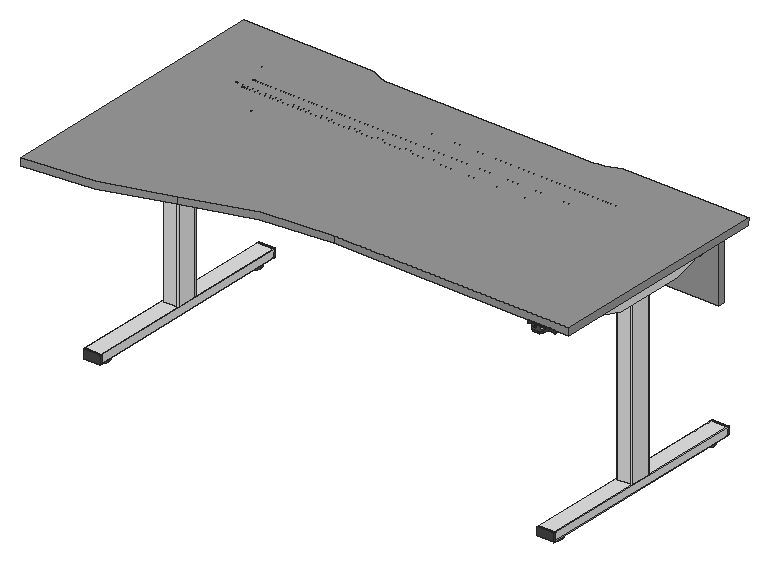
Revit family "Wave Desk with Scallop Top -LH", category Furniture, Revit 2016
Family settings
  OmniClass Number = 23.40.20.00
  OmniClass Title = General Furniture and Specialties
  Work Plane-Based = No
  Always vertical = Yes
  Cut with Voids When Loaded = No
  Shared = No
  Room Calculation Point = No
Parameters (values of type "1800 x 800 x 1000 with Modesty Panel & Cable Tray")
  Width = 1800 mm
  URL = "www.gof.co.uk"
  Type Comments = ""
  Range = "RISE LT"
  Product Code = "HDLWL18S"
  Modesty Panel Visible = yes
  Modesty Panel = "BTCPW18"
  HeightControl [instance] = if(Height < 720 mm, 720 mm, (if(Height > 1200 mm, 1200 mm, Height)))  # 727 mm
  Height [instance] = 727 mm
  Desktop = Gresham - Midnight Ash
  Model = ""
  Manufacturer = "Gresham Office Furniture"  # constant formula
  Frame = Gresham - Silver Metal
  Foot = Gresham - Black Plastic
  Cable Tray Visible = yes
  Cable Tray = "MECT18"
  Assembly Code = "E2020200"
Reference planes
  plane 1 "Center (Front/Back)": y = 0
  plane 2: z = 0
  plane 3 "Center (Left/Right)": x = 0
  plane 4: x = -900
  plane 5: x = 900
  plane 6 "Desktop Underside": z = 702
  plane 7: y = 400
  plane 8: y = -600
  plane 9 "Foot": z = 15
  plane 10: z = 727
  plane 11: x = 595.86
  plane 12: x = -595.86
  plane 13 "Control": x = 850
  plane 14: y = -400
  plane 15: x = -420
  plane 16: x = 60
Forms (mm)
  Extrusion 1, solid, material "Gresham - Midnight Ash" <- "Desktop"
    sketch origin (0, 0, 702) x (-1, 0, 0) y (0, -1, 0)
      loop
        arc (-416.673, -387.5) -> (-390.732, -378.167) -> (-363.346, -375) r 120
        line (-363.346, -375) -> (363.346, -375)
        arc (363.346, -375) -> (390.732, -378.167) -> (416.673, -387.5) r 120
        arc (416.673, -387.5) -> (442.614, -396.833) -> (470, -400) r 120
        line (470, -400) -> (900, -400) -> (900, 600)
        arc (900, 600) -> (654.838, 574.777) -> (420, 500) r 1200
        arc (420, 500) -> (185.162, 425.223) -> (-60, 400) r 1200
        line (-60, 400) -> (-900, 400) -> (-900, -400) -> (-470, -400)
        arc (-470, -400) -> (-442.614, -396.833) -> (-416.673, -387.5) r 120
    from 0 to 25
  Extrusion 2, solid
    sketch origin (4.14, -302, 0) x (0, 1, 0) y (0, 0, 1)
      loop
        arc (344.5, 657) -> (346.621, 657.879) -> (347.5, 660) r 3
        line (347.5, 660) -> (347.5, 699)
        arc (347.5, 699) -> (346.621, 701.121) -> (344.5, 702) r 3
        line (344.5, 702) -> (307, 702) -> (307, 700) -> (344.5, 700)
        arc (344.5, 700) -> (345.207, 699.707) -> (345.5, 699) r 1
        line (345.5, 699) -> (345.5, 660)
        arc (345.5, 660) -> (345.207, 659.293) -> (344.5, 659) r 1
        line (344.5, 659) -> (310, 659)
        arc (310, 659) -> (309.293, 659.293) -> (309, 660) r 1
        line (309, 660) -> (309, 667) -> (307, 667) -> (307, 660)
        arc (307, 660) -> (307.879, 657.879) -> (310, 657) r 3
        line (310, 657) -> (344.5, 657)
    from -600 to 591.72
Dimensions and locks
  equal spacing: plane 4, plane 3 "Center (Left/Right)", plane 5
  "Width": plane 4 to plane 5
  locked: plane 7 to plane 8 at 1000
  locked: plane 2 to plane 9 "Foot" at 15
  Extrusion 1 sketch curve to Extrusion 1 sketch curve = 430 mm  (x2)
  locked: plane 7 to Extrusion 1 sketch curve at 25
  "HeightControl": plane 10 to level
  plane 10 to plane 6 "Desktop Underside" = 25 mm
  locked: nested 1 to plane 5 at 60
  locked: plane 7 to nested 1 at 12
  locked: nested 2 to plane 4 at 60
  locked: Extrusion 2 sketch curve to Extrusion 2 sketch curve at 41
  locked: plane 7 to nested 2 at 12
  plane 3 "Center (Left/Right)" to Extrusion 1 = 363.346 mm
  Extrusion 1 to plane 3 "Center (Left/Right)" = 363.346 mm
  locked: plane 11 to plane 5 at 304.14
  locked: plane 4 to plane 12 at 304.14
  locked: plane 13 "Control" to plane 5 at 50
  locked: plane 7 to plane 14 at 800
  equal spacing: plane 7, plane 1 "Center (Front/Back)", plane 14
  locked: plane 4 to plane 15 at 480
  locked: plane 15 to plane 16 at 480
  locked: plane 4 to nested 4 at 87
  locked: plane 4 to nested 5 at 100
  locked: plane 7 to nested 5 at 53.5
  locked: plane 6 "Desktop Underside" to nested 5 at 61.5
  radius of Extrusion 1 sketch curve = 1200 mm  (x2)
  aligned and locked: level to plane 2
  aligned and locked: plane 7 to Extrusion 1
  aligned and locked: plane 10 to Extrusion 1
  aligned and locked: plane 11 to Extrusion 2
  aligned and locked: plane 12 to Extrusion 2
  aligned and locked: nested 3 to plane 13 "Control"
  aligned and locked: plane 6 "Desktop Underside" to nested 3
  aligned and locked: nested 3 to plane 14
  aligned and locked: plane 8 to Extrusion 1 sketch curve
  aligned and locked: plane 15 to Extrusion 1 sketch curve  (x2)
  aligned and locked: plane 16 to Extrusion 1 sketch curve
  aligned and locked: plane 6 "Desktop Underside" to nested 4
Automatic sketch dimensions
  Extrusion 2 sketch curve to Extrusion 2 sketch curve = 0 mm  (x7)
  Extrusion 2 sketch curve to plane 6 "Desktop Underside" = 0 mm
  Extrusion 2 sketch curve to plane 1 "Center (Front/Back)" = 5 mm
  Extrusion 2 sketch curve to plane 6 "Desktop Underside" = 2 mm
  Extrusion 2 sketch curve to Extrusion 2 sketch curve = 1 mm  (x2)
  Extrusion 2 sketch curve to Extrusion 2 sketch curve = 37.5 mm
  Extrusion 2 sketch curve to Extrusion 2 sketch curve = 34.5 mm
  Extrusion 2 sketch curve to Extrusion 2 sketch curve = 7 mm
  Extrusion 1 sketch curve to plane 5 = 0 mm
  Extrusion 1 sketch curve to plane 14 = 0 mm
  Extrusion 1 sketch curve to plane 7 = 0 mm  (x2)
  Extrusion 1 sketch curve to plane 4 = 0 mm
  Extrusion 1 sketch curve to Extrusion 1 sketch curve = 106.654 mm
  Extrusion 1 sketch curve to plane 15 = 56.654 mm
  plane 7 to Extrusion 1 sketch curve = 95 mm  (x2)
  Extrusion 1 sketch curve to plane 7 = 120 mm  (x2)
Nested families
  nested 1: "Rise LT Leg" at (5, -202, 0), Height <- "HeightControl", type "Rise LT Leg"
    with HeightControl 727 mm, Height 727 mm
  nested 2: "Rise LT Leg" at (-5, -202, 0) x (-1, 0, 0) z (0, 0, 1), Height <- "HeightControl", type "Rise LT Leg"
    with HeightControl 727 mm, Height 727 mm
  nested 3: "Controls" at (800, -367.5, 690), type "Controls"
  nested 4: "Modesty Panel" at (0, 0, 0), type "Modesty Panel"
    with HeightControl 727 mm, Height 727 mm
  nested 5: "Cable Tray" at (0, 0, 0), Height <- "Height", type "Cable Tray"
    with HeightControl 727 mm, Height 727 mm
Definition of nested family "Rise LT Leg"
  Parameters (values of type "Rise LT Leg")
    Width = 1800 mm
    URL = "www.gof.co.uk"
    Type Comments = ""
    Range = "RISE LT"
    Product Code = ""
    Model = ""
    Manufacturer = "Gresham Office Furniture"  # constant formula
    HeightControl [instance] = if(Height < 720 mm, 720 mm, (if(Height > 1200 mm, 1200 mm, Height)))  # 727 mm
    Height [instance] = 727 mm
    Frame = none
    Foot = none
    Bung = none
    Assembly Code = "E2020200"
  Reference planes
    plane 1 "Center (Front/Back)": y = 200
    plane 2: z = 0
    plane 3 "Center (Left/Right)": x = 0
    plane 4: x = -900
    plane 5: x = 900
    plane 6 "Desktop": z = 727
    plane 7: y = 600
    plane 8: y = -200
    plane 9 "Foot": z = 15
    plane 10 "Desktop Underside": z = 702
    plane 11 "Max Height": z = 1200
    plane 12 "Max Desktop Underside": z = 1175
  Forms (mm)
    Extrusion 1, solid, material <- "Frame"
      sketch origin (0, 0, 727) x (-1, 0, 0) y (0, -1, 0)
        loop
          line (-827.511, -240) -> (-782.511, -240)
          arc (-782.511, -240) -> (-778.976, -238.536) -> (-777.511, -235) r 5
          line (-777.511, -235) -> (-777.511, -165)
          arc (-777.511, -165) -> (-778.976, -161.464) -> (-782.511, -160) r 5
          line (-782.511, -160) -> (-827.511, -160)
          arc (-827.511, -160) -> (-831.047, -161.464) -> (-832.511, -165) r 5
          line (-832.511, -165) -> (-832.511, -235)
          arc (-832.511, -235) -> (-831.047, -238.536) -> (-827.511, -240) r 5
      from -682 to -82
    Extrusion 2, solid, material <- "Frame"
      sketch origin (0, 200, 0) x (1, 0, 0) y (0, 0, 1)
        loop
          line (833, 45) -> (777, 45)
          arc (777, 45) -> (775.586, 44.414) -> (775, 43) r 2
          line (775, 43) -> (775, 17)
          arc (775, 17) -> (775.586, 15.586) -> (777, 15) r 2
          line (777, 15) -> (833, 15)
          arc (833, 15) -> (834.414, 15.586) -> (835, 17) r 2
          line (835, 17) -> (835, 43)
          arc (835, 43) -> (834.414, 44.414) -> (833, 45) r 2
      from -385 to 385
    Extrusion 3, solid, material <- "Frame"
      sketch origin (0, 200, 70) x (1, 0, 0) y (0, 0, 1)
        loop
          line (842.511, 632) -> (590.86, 632) -> (590.86, 617)
          arc (590.86, 617) -> (599.647, 595.787) -> (620.86, 587) r 30
          line (620.86, 587) -> (842.511, 587) -> (842.511, 632)
      from -47.5 to 47.5
    Extrusion 4, solid, material <- "Frame"
      sketch origin (0, 200, 70) x (1, 0, 0) y (0, 0, 1)
        loop
          line (842.511, 632) -> (842.511, 622) -> (844.511, 622) -> (844.511, 630.159) -> (860.511, 630.159) -> (860.511, 579) -> (843.693, 579) -> (843.693, 582.43) -> (841.693, 582.43) -> (841.693, 577) -> (862.511, 577) -> (862.511, 632) -> (842.511, 632)
      from -275 to 275
    Extrusion 5, void
      sketch origin (870.011, 200, 1175) x (0, 0, 1) y (0, 1, 0)
        loop
          line (-528, 0) -> (-528, 125) -> (-483, 275) -> (-473, 275) -> (-473, 333.867) -> (-576.413, 333.867) -> (-576.413, 0) -> (-576.413, -333.867) -> (-473, -333.867) -> (-473, -275) -> (-483, -275) -> (-528, -125) -> (-528, 0)
      from -29.989 to 70.011
    Extrusion 6, solid, material <- "Frame"
      sketch origin (0, 0, 727) x (-1, 0, 0) y (0, -1, 0)
        loop
          line (-827.511, -238) -> (-782.511, -238)
          arc (-782.511, -238) -> (-780.39, -237.121) -> (-779.511, -235) r 3
          line (-779.511, -235) -> (-779.511, -165)
          arc (-779.511, -165) -> (-780.39, -162.879) -> (-782.511, -162) r 3
          line (-782.511, -162) -> (-827.511, -162)
          arc (-827.511, -162) -> (-829.633, -162.879) -> (-830.511, -165) r 3
          line (-830.511, -165) -> (-830.511, -235)
          arc (-830.511, -235) -> (-829.633, -237.121) -> (-827.511, -238) r 3
      from -82 to -70
    Revolve 7, solid, material <- "Foot"
      sketch origin (0, 540, 0) x (1, 0, 0) y (0, 0, 1)
        loop
          line (804.324, 0) -> (824.324, 0) -> (814.324, 15) -> (804.324, 15) -> (804.324, 0)
        axis (804.324, 15) -> (804.324, 0)
      angle from 0 to 360
    Revolve 8, solid, material <- "Foot"
      sketch origin (0, -140, 0) x (1, 0, 0) y (0, 0, -1)
        loop
          line (804.324, 0) -> (804.324, -15) -> (814.324, -15) -> (824.324, 0) -> (804.324, 0)
        axis (804.324, -15) -> (804.324, 0)
      angle from 0 to 360
    Extrusion 9, solid, material <- "Bung"
      sketch origin (0, 201.489, 0) x (1, 0, 0) y (0, 0, 1)
        loop
          line (833, 45) -> (777, 45)
          arc (777, 45) -> (775.586, 44.414) -> (775, 43) r 2
          line (775, 43) -> (775, 17)
          arc (775, 17) -> (775.586, 15.586) -> (777, 15) r 2
          line (777, 15) -> (833, 15)
          arc (833, 15) -> (834.414, 15.586) -> (835, 17) r 2
          line (835, 17) -> (835, 43)
          arc (835, 43) -> (834.414, 44.414) -> (833, 45) r 2
      from 386.489 to 391.489
    Extrusion 10, solid, material <- "Bung"
      sketch origin (0, 198.511, 0) x (1, 0, 0) y (0, 0, -1)
        loop
          arc (833, -45) -> (834.414, -44.414) -> (835, -43) r 2
          line (835, -43) -> (835, -17)
          arc (835, -17) -> (834.414, -15.586) -> (833, -15) r 2
          line (833, -15) -> (777, -15)
          arc (777, -15) -> (775.586, -15.586) -> (775, -17) r 2
          line (775, -17) -> (775, -43)
          arc (775, -43) -> (775.586, -44.414) -> (777, -45) r 2
          line (777, -45) -> (833, -45)
      from 386.489 to 391.489
  Cuts and joins
    Extrusion 5 cuts Extrusion 4
  Dimensions and locks
    equal spacing: plane 4, plane 3 "Center (Left/Right)", plane 5
    "Width": plane 4 to plane 5
    equal spacing: plane 7, plane 1 "Center (Front/Back)", plane 8
    locked: plane 7 to plane 8 at 800
    locked: plane 9 "Foot" to level at 15
    locked: plane 6 "Desktop" to plane 10 "Desktop Underside" at 25
    locked: plane 5 to Extrusion 2 at 65
    Extrusion 3 to Extrusion 3 = 95 mm
    plane 1 "Center (Front/Back)" to Extrusion 4 = 275 mm
    equal spacing: Extrusion 4, plane 1 "Center (Front/Back)", Extrusion 4
    plane 11 "Max Height" to level = 1200 mm
    locked: Extrusion 3 sketch curve to Extrusion 3 sketch curve at 45
    locked: Extrusion 5 sketch curve to Extrusion 5 sketch curve at 103.413
    "HeightControl": plane 6 "Desktop" to level
    locked: Extrusion 1 to level at 645
    locked: Extrusion 2 to Extrusion 2 at 30
    Extrusion 2 to Revolve 7 = 45 mm
    locked: Extrusion 9 to Extrusion 9 at 5
    locked: Extrusion 5 to plane 5 at 100
    locked: Extrusion 10 to Extrusion 10 at 5
    plane 9 "Foot" to level = 15 mm
    Revolve 8 to Extrusion 9 = 45 mm
    locked: Extrusion 3 to plane 5 at 309.14
    aligned and locked: level to plane 2
    aligned and locked: Extrusion 6 to Extrusion 3
    aligned and locked: Extrusion 6 to Extrusion 1
    aligned and locked: Extrusion 2 to plane 9 "Foot"
    aligned and locked: Extrusion 1 to Extrusion 2
    aligned and locked: Extrusion 2 to Extrusion 9
    aligned and locked: Extrusion 5 to plane 5
    aligned and locked: Extrusion 2 to Extrusion 10
  Automatic sketch dimensions
    plane 1 "Center (Front/Back)" to Extrusion 1 sketch curve = 35 mm
    plane 5 to Extrusion 1 sketch curve = 67.489 mm
    Extrusion 1 sketch curve to Extrusion 1 sketch curve = 5 mm  (x3)
    Extrusion 1 sketch curve to Extrusion 1 sketch curve = 45 mm  (x2)
    Extrusion 1 sketch curve to plane 1 "Center (Front/Back)" = 35 mm
    Extrusion 2 sketch curve to plane 9 "Foot" = 0 mm
    plane 9 "Foot" to Extrusion 2 sketch curve = 2 mm  (x2)
    plane 5 to Extrusion 2 sketch curve = 125 mm
    Extrusion 2 sketch curve to Extrusion 2 sketch curve = 2 mm
    Extrusion 2 sketch curve to Extrusion 2 sketch curve = 56 mm
    Extrusion 2 sketch curve to Extrusion 2 sketch curve = 0 mm
    Extrusion 2 sketch curve to Extrusion 2 sketch curve = 26 mm
    Extrusion 3 sketch curve to plane 10 "Desktop Underside" = 0 mm
    plane 3 "Center (Left/Right)" to Extrusion 3 sketch curve = 590.86 mm
    Extrusion 3 sketch curve to Extrusion 3 sketch curve = 30 mm
    plane 5 to Extrusion 3 sketch curve = 57.489 mm
    Extrusion 4 sketch curve to plane 10 "Desktop Underside" = 0 mm
    plane 5 to Extrusion 4 sketch curve = 58.307 mm
    Extrusion 4 sketch curve to plane 10 "Desktop Underside" = 10 mm
    Extrusion 4 sketch curve to Extrusion 4 sketch curve = 0.819 mm
    Extrusion 4 sketch curve to Extrusion 4 sketch curve = 2 mm  (x4)
    Extrusion 4 sketch curve to plane 10 "Desktop Underside" = 1.841 mm
    Extrusion 4 sketch curve to Extrusion 4 sketch curve = 16 mm
    Extrusion 4 sketch curve to Extrusion 4 sketch curve = 39.57 mm
    Extrusion 4 sketch curve to Extrusion 4 sketch curve = 3.43 mm
    Extrusion 5 sketch curve to plane 1 "Center (Front/Back)" = 0 mm  (x2)
    Extrusion 5 sketch curve to plane 10 "Desktop Underside" = 0 mm  (x2)
    Extrusion 5 sketch curve to plane 10 "Desktop Underside" = 55 mm
    Extrusion 5 sketch curve to plane 10 "Desktop Underside" = 10 mm  (x2)
    Extrusion 5 sketch curve to Extrusion 5 sketch curve = 125 mm
    plane 8 to Extrusion 5 sketch curve = 125 mm
    Extrusion 5 sketch curve to Extrusion 5 sketch curve = 58.867 mm
    Extrusion 5 sketch curve to plane 1 "Center (Front/Back)" = 125 mm
    Extrusion 5 sketch curve to plane 7 = 125 mm
    Extrusion 5 sketch curve to plane 7 = 66.133 mm
    plane 1 "Center (Front/Back)" to Extrusion 6 sketch curve = 35 mm
    plane 5 to Extrusion 6 sketch curve = 69.489 mm
    Extrusion 6 sketch curve to Extrusion 6 sketch curve = 3 mm  (x3)
    Extrusion 6 sketch curve to Extrusion 6 sketch curve = 45 mm  (x2)
    Extrusion 6 sketch curve to plane 1 "Center (Front/Back)" = 35 mm
    Revolve 7 sketch curve to level = 0 mm
    Revolve 7 sketch curve to plane 9 "Foot" = 0 mm  (x2)
    plane 5 to Revolve 7 sketch curve = 95.676 mm
    Revolve 7 sketch curve to Revolve 7 sketch curve = 10 mm  (x2)
    Revolve 7 sketch curve to Revolve 7 sketch curve = 0 mm
    Revolve 7 sketch curve to Revolve 7 sketch curve = 11.548 mm
    Revolve 8 sketch curve to level = 0 mm
    Revolve 8 sketch curve to plane 9 "Foot" = 0 mm  (x2)
    plane 5 to Revolve 8 sketch curve = 95.676 mm
    Revolve 8 sketch curve to Revolve 8 sketch curve = 10 mm  (x2)
    Revolve 8 sketch curve to Revolve 8 sketch curve = 0 mm
    Revolve 8 sketch curve to Revolve 8 sketch curve = 11.548 mm
    Extrusion 9 sketch curve to plane 9 "Foot" = 0 mm
    plane 9 "Foot" to Extrusion 9 sketch curve = 28 mm
    plane 5 to Extrusion 9 sketch curve = 125 mm
    Extrusion 9 sketch curve to Extrusion 9 sketch curve = 2 mm  (x3)
    Extrusion 9 sketch curve to Extrusion 9 sketch curve = 56 mm
    Extrusion 9 sketch curve to Extrusion 9 sketch curve = 0 mm
    Extrusion 10 sketch curve to plane 9 "Foot" = 0 mm
    plane 9 "Foot" to Extrusion 10 sketch curve = 28 mm
    plane 5 to Extrusion 10 sketch curve = 125 mm
    Extrusion 10 sketch curve to Extrusion 10 sketch curve = 2 mm  (x3)
    Extrusion 10 sketch curve to Extrusion 10 sketch curve = 56 mm
    Extrusion 10 sketch curve to Extrusion 10 sketch curve = 0 mm
Definition of nested family "Controls"
  Parameters (values of type "Controls")
    URL = "www.gof.co.uk"
    Rubber Keys = none
    Range = "RANGE LT"
    Product Code = "Controls"
    Plastic Case = none
    Manufacturer = "Gresham Office Furniture"  # constant formula
  Reference planes
    plane 1 "Center (Front/Back)": y = 0
    plane 2: z = 0
    plane 3 "Center (Left/Right)": x = 0
  Forms (mm)
    Extrusion 1, solid, material <- "Plastic Case"
      sketch origin (0, 0, 0) x (1, 0, 0) y (0, 1, 0)
        loop
          arc (-45, 32.5) -> (-48.536, 31.036) -> (-50, 27.5) r 5
          line (-50, 27.5) -> (-50, -27.5)
          arc (-50, -27.5) -> (-48.536, -31.036) -> (-45, -32.5) r 5
          line (-45, -32.5) -> (45, -32.5)
          arc (45, -32.5) -> (48.536, -31.036) -> (50, -27.5) r 5
          line (50, -27.5) -> (50, 27.5)
          arc (50, 27.5) -> (48.536, 31.036) -> (45, 32.5) r 5
          line (45, 32.5) -> (-45, 32.5)
      from 0 to 12
    Sweep 2, solid, material <- "Plastic Case"
      path origin (0, 0, 2) x (0, 1, 0) y (0, 0, 1)
        loop
          line (-32.5, 6) -> (-36.392, 6)
          arc (-36.392, 6) -> (-37.474, 5.881) -> (-38.505, 5.532) r 5
          line (-38.505, 5.532) -> (-55.626, -2.452)
      profile origin (0, -34.446, 8) x (0, 0, -1) y (1, 0, 0)
        loop
          line (-4, 30) -> (-4, -30) -> (4, -30) -> (4, 30) -> (-4, 30)
    Extrusion 3, void
      sketch origin (-30, -40.195, 11.157) x (0, -0.906308, -0.422618) y (1, 0, 0)
        loop
          line (18.892, 75) -> (-7.33, 75) -> (-7.33, 60) -> (10.178, 50.091)
          arc (10.178, 50.091) -> (14.833, 46.912) -> (18.892, 43) r 33.579
          line (18.892, 43) -> (18.892, 75)
      from -13.674 to 7.77
    Extrusion 4, void
      sketch origin (30, -40.195, 11.157) x (0, -0.906308, -0.422618) y (1, 0, 0)
        loop
          line (18.892, -75) -> (18.892, -43)
          arc (18.892, -43) -> (14.833, -46.912) -> (10.178, -50.091) r 33.579
          line (10.178, -50.091) -> (-7.33, -60) -> (-7.33, -75) -> (18.892, -75)
      from -13.674 to 7.77
    Extrusion 5, solid, material <- "Rubber Keys"
      sketch origin (-30, -40.195, 11.157) x (0, -0.906308, -0.422618) y (1, 0, 0)
        loop
          line (0.281, 19.363) -> (8.531, 14.6) -> (8.531, 24.126) -> (0.281, 19.363)
        loop
          line (0.656, 35.874) -> (8.906, 40.637) -> (0.656, 45.4) -> (0.656, 35.874)
      from 0 to 1.5
  Cuts and joins
    Extrusion 3, Extrusion 4 cuts Sweep 2
  Dimensions and locks
    aligned and locked: level to plane 2
Definition of nested family "Modesty Panel"
  Parameters (values of type "Modesty Panel")
    Width = 1800 mm
    URL = "www.gof.co.uk"
    Type Comments = ""
    Range = "RISE LT"
    Product Code = ""
    Modesty Panel Visible = yes
    Modesty Panel = none
    HeightControl [instance] = if(Height < 720 mm, 720 mm, (if(Height > 1200 mm, 1200 mm, Height)))  # 727 mm
    Height [instance] = 727 mm
    Desktop = none
    Model = ""
    Manufacturer = "Gresham Office Furniture"  # constant formula
    Frame = none
    Foot = none
    Assembly Code = "E2020200"
  Reference planes
    plane 1 "Center (Front/Back)": y = 0
    plane 2: z = 0
    plane 3 "Center (Left/Right)": x = 0
    plane 4: x = -900
    plane 5: x = 900
    plane 6 "Desktop Underside": z = 702
    plane 7: y = 400
    plane 8: y = -400
    plane 9 "Foot": z = 15
    plane 10: z = 727
    plane 11 "Modesty Panel": x = -593
    plane 12: x = 593
    plane 13: z = 425
    plane 14: z = 677
    plane 15: y = 375
    plane 16: x = 568
    plane 17: x = -568
    plane 18: x = -813
    plane 19: x = 813
  Forms (mm)
    Extrusion 1, solid, material <- "Frame", visible <- "Modesty Panel Visible"
      sketch origin (-593, 43.228, 0) x (0, 1, 0) y (0, 0, 1)
        loop
          line (161.772, 702) -> (161.772, 677) -> (306.772, 677) -> (306.772, 432) -> (331.772, 432) -> (331.772, 702) -> (161.772, 702)
      from 0 to 25
    Extrusion 2, solid, material <- "Frame", visible <- "Modesty Panel Visible"
      sketch origin (593, 43.228, 0) x (0, 1, 0) y (0, 0, -1)
        loop
          line (161.772, -702) -> (331.772, -702) -> (331.772, -432) -> (306.772, -432) -> (306.772, -677) -> (161.772, -677) -> (161.772, -702)
      from 0 to 25
    Extrusion 3, solid, material <- "Modesty Panel", visible <- "Modesty Panel Visible"
      sketch origin (0, 0, 0) x (0, 1, 0) y (0, 0, 1)
        loop
          line (375, 677) -> (375, 425) -> (400, 425) -> (400, 677) -> (375, 677)
      from -813 to 813
  Dimensions and locks
    equal spacing: plane 4, plane 3 "Center (Left/Right)", plane 5
    "Width": plane 4 to plane 5
    equal spacing: plane 7, plane 1 "Center (Front/Back)", plane 8
    locked: plane 7 to plane 8 at 800
    locked: plane 2 to plane 9 "Foot" at 15
    "HeightControl": plane 10 to level
    locked: plane 10 to plane 6 "Desktop Underside" at 25
    locked: Extrusion 1 sketch curve to Extrusion 1 sketch curve at 170
    locked: Extrusion 1 sketch curve to Extrusion 1 sketch curve at 25  (x2)
    locked: Extrusion 1 sketch curve to Extrusion 1 sketch curve at 270
    locked: Extrusion 1 to Extrusion 1 at 25
    locked: plane 7 to Extrusion 1 at 25
    locked: plane 11 "Modesty Panel" to plane 4 at 307
    locked: plane 12 to plane 5 at 307
    locked: Extrusion 2 sketch curve to Extrusion 2 sketch curve at 170
    locked: Extrusion 2 sketch curve to Extrusion 2 sketch curve at 25  (x2)
    locked: Extrusion 2 sketch curve to Extrusion 2 sketch curve at 270
    locked: Extrusion 2 to Extrusion 2 at 25
    locked: Extrusion 1 to plane 13 at 7
    locked: plane 6 "Desktop Underside" to plane 14 at 25
    locked: plane 7 to plane 15 at 25
    locked: plane 16 to plane 12 at 25
    locked: plane 17 to plane 11 "Modesty Panel" at 25
    locked: plane 13 to plane 14 at 252
    locked: plane 4 to plane 18 at 87
    locked: plane 19 to plane 5 at 87
    aligned and locked: level to plane 2
    aligned and locked: plane 6 "Desktop Underside" to Extrusion 1
    aligned and locked: Extrusion 1 to plane 11 "Modesty Panel"
    aligned and locked: Extrusion 2 to plane 12
    aligned and locked: Extrusion 3 to plane 14
    aligned and locked: Extrusion 3 to plane 13
    aligned and locked: Extrusion 3 to plane 18
    aligned and locked: Extrusion 3 to plane 19
  Automatic sketch dimensions
    Extrusion 1 sketch curve to plane 6 "Desktop Underside" = 0 mm
    Extrusion 1 sketch curve to plane 7 = 195 mm
    Extrusion 2 sketch curve to plane 6 "Desktop Underside" = 0 mm
    Extrusion 2 sketch curve to plane 7 = 195 mm
    Extrusion 3 sketch curve to plane 13 = 0 mm
    Extrusion 3 sketch curve to plane 15 = 0 mm
    Extrusion 3 sketch curve to plane 7 = 0 mm
    plane 14 to Extrusion 3 sketch curve = 0 mm
Definition of nested family "Cable Tray"
  Parameters (values of type "Cable Tray")
    Width = 1800 mm
    URL = "www.gof.co.uk"
    Type Comments = ""
    Range = "RISE LT"
    Product Code = ""
    Modesty Panel = none
    HeightControl [instance] = if(Height < 720 mm, 720 mm, (if(Height > 1200 mm, 1200 mm, Height)))  # 727 mm
    Height [instance] = 727 mm
    Desktop = none
    Model = ""
    Manufacturer = "Gresham Office Furniture"  # constant formula
    Frame = none
    Foot = none
    Cable Tray Clips = none
    Cable Tray = yes
    Assembly Code = "E2020200"
  Reference planes
    plane 1 "Center (Front/Back)": y = 0
    plane 2: z = 0
    plane 3 "Center (Left/Right)": x = 0
    plane 4: x = -900
    plane 5: x = 900
    plane 6 "Desktop Underside": z = 702
    plane 7: y = 400
    plane 8: y = -400
    plane 9 "Foot": z = 15
    plane 10: z = 727
    plane 11 "Cable Tray Left": x = -800
    plane 12 "Cable Tray Right": x = 800
  Forms (mm)
    Extrusion 1, solid, material <- "Frame", visible <- "Cable Tray"
      sketch origin (0, 12.089, -4.885) x (0, 1, 0) y (0, 0, 1)
        loop
          circle (301.911, 615.385) r 1.5
        loop
          circle (251.911, 615.385) r 1.5
        loop
          circle (220.911, 645.385) r 1.5
        loop
          circle (332.911, 645.385) r 1.5
      from -800 to 800
    Sweep 2, solid, material <- "Frame", visible <- "Cable Tray"
      path in 3D
        loop
          line (0, 341.76, 640.5) -> (0, 333.661, 615.573)
          arc (0, 333.661, 615.573) -> (0, 332.571, 614.073) -> (0, 330.808, 613.5) r 3
          line (0, 330.808, 613.5) -> (0, 247.192, 613.5)
          arc (0, 247.192, 613.5) -> (0, 245.429, 614.073) -> (0, 244.339, 615.573) r 3
          line (0, 244.339, 615.573) -> (0, 236.24, 640.5)
      profile origin (0, 289, 613.5) x (0, 0, 1) y (-1, 0, 0)
        loop
          circle (0, 0) r 1.5
    Sweep 3, solid, material <- "Frame", visible <- "Cable Tray", not visible
      path in 3D
        loop
          line (0, 329.671, 645.385) -> (0, 321.572, 620.458)
          arc (0, 321.572, 620.458) -> (0, 320.482, 618.958) -> (0, 318.719, 618.385) r 3
          line (0, 318.719, 618.385) -> (0, 235.103, 618.385)
          arc (0, 235.103, 618.385) -> (0, 233.34, 618.958) -> (0, 232.25, 620.458) r 3
          line (0, 232.25, 620.458) -> (0, 224.151, 645.385)
      profile origin (0, 276.911, 618.385) x (0, 0, 1) y (-1, 0, 0)
        loop
          circle (0, 0) r 1.5
    Sweep 4, solid, material <- "Frame", visible <- "Cable Tray"
      path in 3D
        loop
          line (800, 342.073, 640.5) -> (800, 333.974, 615.573)
          arc (800, 333.974, 615.573) -> (800, 332.884, 614.073) -> (800, 331.121, 613.5) r 3
          line (800, 331.121, 613.5) -> (800, 247.505, 613.5)
          arc (800, 247.505, 613.5) -> (800, 245.742, 614.073) -> (800, 244.652, 615.573) r 3
          line (800, 244.652, 615.573) -> (800, 236.553, 640.5)
      profile origin (800, 289.313, 613.5) x (0, 0, 1) y (-1, 0, 0)
        loop
          circle (0, 0) r 1.5
    Sweep 5, solid, material <- "Frame", visible <- "Cable Tray"
      path in 3D
        loop
          line (-800, 342.073, 640.5) -> (-800, 333.974, 615.573)
          arc (-800, 333.974, 615.573) -> (-800, 332.884, 614.073) -> (-800, 331.121, 613.5) r 3
          line (-800, 331.121, 613.5) -> (-800, 247.505, 613.5)
          arc (-800, 247.505, 613.5) -> (-800, 245.742, 614.073) -> (-800, 244.652, 615.573) r 3
          line (-800, 244.652, 615.573) -> (-800, 236.553, 640.5)
      profile origin (-800, 289.313, 613.5) x (0, 0, 1) y (-1, 0, 0)
        loop
          circle (0, 0) r 1.5
    Sweep 6, solid, material <- "Frame", visible <- "Cable Tray"
      path in 3D
        loop
          line (100, 341.76, 640.5) -> (100, 333.661, 615.573)
          arc (100, 333.661, 615.573) -> (100, 332.571, 614.073) -> (100, 330.808, 613.5) r 3
          line (100, 330.808, 613.5) -> (100, 247.192, 613.5)
          arc (100, 247.192, 613.5) -> (100, 245.429, 614.073) -> (100, 244.339, 615.573) r 3
          line (100, 244.339, 615.573) -> (100, 236.24, 640.5)
      profile origin (100, 289, 613.5) x (0, 0, 1) y (-1, 0, 0)
        loop
          circle (0, 0) r 1.5
    Sweep 7, solid, material <- "Frame", visible <- "Cable Tray"
      path in 3D
        loop
          line (300, 341.76, 640.5) -> (300, 333.661, 615.573)
          arc (300, 333.661, 615.573) -> (300, 332.571, 614.073) -> (300, 330.808, 613.5) r 3
          line (300, 330.808, 613.5) -> (300, 247.192, 613.5)
          arc (300, 247.192, 613.5) -> (300, 245.429, 614.073) -> (300, 244.339, 615.573) r 3
          line (300, 244.339, 615.573) -> (300, 236.24, 640.5)
      profile origin (300, 289, 613.5) x (0, 0, 1) y (-1, 0, 0)
        loop
          circle (0, 0) r 1.5
    Sweep 8, solid, material <- "Frame", visible <- "Cable Tray"
      path in 3D
        loop
          line (400, 341.76, 640.5) -> (400, 333.661, 615.573)
          arc (400, 333.661, 615.573) -> (400, 332.571, 614.073) -> (400, 330.808, 613.5) r 3
          line (400, 330.808, 613.5) -> (400, 247.192, 613.5)
          arc (400, 247.192, 613.5) -> (400, 245.429, 614.073) -> (400, 244.339, 615.573) r 3
          line (400, 244.339, 615.573) -> (400, 236.24, 640.5)
      profile origin (400, 289, 613.5) x (0, 0, 1) y (-1, 0, 0)
        loop
          circle (0, 0) r 1.5
    Sweep 9, solid, material <- "Frame", visible <- "Cable Tray"
      path in 3D
        loop
          line (500, 341.76, 640.5) -> (500, 333.661, 615.573)
          arc (500, 333.661, 615.573) -> (500, 332.571, 614.073) -> (500, 330.808, 613.5) r 3
          line (500, 330.808, 613.5) -> (500, 247.192, 613.5)
          arc (500, 247.192, 613.5) -> (500, 245.429, 614.073) -> (500, 244.339, 615.573) r 3
          line (500, 244.339, 615.573) -> (500, 236.24, 640.5)
      profile origin (500, 289, 613.5) x (0, 0, 1) y (-1, 0, 0)
        loop
          circle (0, 0) r 1.5
    Sweep 10, solid, material <- "Frame", visible <- "Cable Tray"
      path in 3D
        loop
          line (600, 341.76, 640.5) -> (600, 333.661, 615.573)
          arc (600, 333.661, 615.573) -> (600, 332.571, 614.073) -> (600, 330.808, 613.5) r 3
          line (600, 330.808, 613.5) -> (600, 247.192, 613.5)
          arc (600, 247.192, 613.5) -> (600, 245.429, 614.073) -> (600, 244.339, 615.573) r 3
          line (600, 244.339, 615.573) -> (600, 236.24, 640.5)
      profile origin (600, 289, 613.5) x (0, 0, 1) y (-1, 0, 0)
        loop
          circle (0, 0) r 1.5
    Sweep 11, solid, material <- "Frame", visible <- "Cable Tray"
      path in 3D
        loop
          line (700, 341.76, 640.5) -> (700, 333.661, 615.573)
          arc (700, 333.661, 615.573) -> (700, 332.571, 614.073) -> (700, 330.808, 613.5) r 3
          line (700, 330.808, 613.5) -> (700, 247.192, 613.5)
          arc (700, 247.192, 613.5) -> (700, 245.429, 614.073) -> (700, 244.339, 615.573) r 3
          line (700, 244.339, 615.573) -> (700, 236.24, 640.5)
      profile origin (700, 289, 613.5) x (0, 0, 1) y (-1, 0, 0)
        loop
          circle (0, 0) r 1.5
    Sweep 12, solid, material <- "Frame", visible <- "Cable Tray"
      path in 3D
        loop
          line (200, 341.76, 640.5) -> (200, 333.661, 615.573)
          arc (200, 333.661, 615.573) -> (200, 332.571, 614.073) -> (200, 330.808, 613.5) r 3
          line (200, 330.808, 613.5) -> (200, 247.192, 613.5)
          arc (200, 247.192, 613.5) -> (200, 245.429, 614.073) -> (200, 244.339, 615.573) r 3
          line (200, 244.339, 615.573) -> (200, 236.24, 640.5)
      profile origin (200, 289, 613.5) x (0, 0, 1) y (-1, 0, 0)
        loop
          circle (0, 0) r 1.5
    Sweep 13, solid, material <- "Frame", visible <- "Cable Tray"
      path in 3D
        loop
          line (-100, 341.76, 640.5) -> (-100, 333.661, 615.573)
          arc (-100, 333.661, 615.573) -> (-100, 332.571, 614.073) -> (-100, 330.808, 613.5) r 3
          line (-100, 330.808, 613.5) -> (-100, 247.192, 613.5)
          arc (-100, 247.192, 613.5) -> (-100, 245.429, 614.073) -> (-100, 244.339, 615.573) r 3
          line (-100, 244.339, 615.573) -> (-100, 236.24, 640.5)
      profile origin (-100, 289, 613.5) x (0, 0, 1) y (-1, 0, 0)
        loop
          circle (0, 0) r 1.5
    Sweep 14, solid, material <- "Frame", visible <- "Cable Tray"
      path in 3D
        loop
          line (-300, 341.76, 640.5) -> (-300, 333.661, 615.573)
          arc (-300, 333.661, 615.573) -> (-300, 332.571, 614.073) -> (-300, 330.808, 613.5) r 3
          line (-300, 330.808, 613.5) -> (-300, 247.192, 613.5)
          arc (-300, 247.192, 613.5) -> (-300, 245.429, 614.073) -> (-300, 244.339, 615.573) r 3
          line (-300, 244.339, 615.573) -> (-300, 236.24, 640.5)
      profile origin (-300, 289, 613.5) x (0, 0, 1) y (-1, 0, 0)
        loop
          circle (0, 0) r 1.5
    Sweep 15, solid, material <- "Frame", visible <- "Cable Tray"
      path in 3D
        loop
          line (-400, 341.76, 640.5) -> (-400, 333.661, 615.573)
          arc (-400, 333.661, 615.573) -> (-400, 332.571, 614.073) -> (-400, 330.808, 613.5) r 3
          line (-400, 330.808, 613.5) -> (-400, 247.192, 613.5)
          arc (-400, 247.192, 613.5) -> (-400, 245.429, 614.073) -> (-400, 244.339, 615.573) r 3
          line (-400, 244.339, 615.573) -> (-400, 236.24, 640.5)
      profile origin (-400, 289, 613.5) x (0, 0, 1) y (-1, 0, 0)
        loop
          circle (0, 0) r 1.5
    Sweep 16, solid, material <- "Frame", visible <- "Cable Tray"
      path in 3D
        loop
          line (-500, 341.76, 640.5) -> (-500, 333.661, 615.573)
          arc (-500, 333.661, 615.573) -> (-500, 332.571, 614.073) -> (-500, 330.808, 613.5) r 3
          line (-500, 330.808, 613.5) -> (-500, 247.192, 613.5)
          arc (-500, 247.192, 613.5) -> (-500, 245.429, 614.073) -> (-500, 244.339, 615.573) r 3
          line (-500, 244.339, 615.573) -> (-500, 236.24, 640.5)
      profile origin (-500, 289, 613.5) x (0, 0, 1) y (-1, 0, 0)
        loop
          circle (0, 0) r 1.5
    Sweep 17, solid, material <- "Frame", visible <- "Cable Tray"
      path in 3D
        loop
          line (-600, 341.76, 640.5) -> (-600, 333.661, 615.573)
          arc (-600, 333.661, 615.573) -> (-600, 332.571, 614.073) -> (-600, 330.808, 613.5) r 3
          line (-600, 330.808, 613.5) -> (-600, 247.192, 613.5)
          arc (-600, 247.192, 613.5) -> (-600, 245.429, 614.073) -> (-600, 244.339, 615.573) r 3
          line (-600, 244.339, 615.573) -> (-600, 236.24, 640.5)
      profile origin (-600, 289, 613.5) x (0, 0, 1) y (-1, 0, 0)
        loop
          circle (0, 0) r 1.5
    Sweep 18, solid, material <- "Frame", visible <- "Cable Tray"
      path in 3D
        loop
          line (-700, 341.76, 640.5) -> (-700, 333.661, 615.573)
          arc (-700, 333.661, 615.573) -> (-700, 332.571, 614.073) -> (-700, 330.808, 613.5) r 3
          line (-700, 330.808, 613.5) -> (-700, 247.192, 613.5)
          arc (-700, 247.192, 613.5) -> (-700, 245.429, 614.073) -> (-700, 244.339, 615.573) r 3
          line (-700, 244.339, 615.573) -> (-700, 236.24, 640.5)
      profile origin (-700, 289, 613.5) x (0, 0, 1) y (-1, 0, 0)
        loop
          circle (0, 0) r 1.5
    Sweep 19, solid, material <- "Frame", visible <- "Cable Tray"
      path in 3D
        loop
          line (-200, 341.76, 640.5) -> (-200, 333.661, 615.573)
          arc (-200, 333.661, 615.573) -> (-200, 332.571, 614.073) -> (-200, 330.808, 613.5) r 3
          line (-200, 330.808, 613.5) -> (-200, 247.192, 613.5)
          arc (-200, 247.192, 613.5) -> (-200, 245.429, 614.073) -> (-200, 244.339, 615.573) r 3
          line (-200, 244.339, 615.573) -> (-200, 236.24, 640.5)
      profile origin (-200, 289, 613.5) x (0, 0, 1) y (-1, 0, 0)
        loop
          circle (0, 0) r 1.5
    Extrusion 20, solid, material <- "Cable Tray Clips", visible <- "Cable Tray"
      sketch origin (615, 0, 0) x (0, 1, 0) y (0, 0, 1)
        loop
          arc (346.5, 640.5) -> (345, 639) -> (343.5, 640.5) r 1.5
          line (343.5, 640.5) -> (343.5, 645.926) -> (340.5, 645.926) -> (340.5, 640.5)
          arc (340.5, 640.5) -> (345, 636) -> (349.5, 640.5) r 4.5
          line (349.5, 640.5) -> (349.5, 677.5)
          arc (349.5, 677.5) -> (348.692, 680.415) -> (346.5, 682.5) r 5.667
          arc (346.5, 682.5) -> (322.774, 690.464) -> (297.984, 693.899) r 134.615
          line (297.984, 693.899) -> (297.984, 697) -> (303.984, 697) -> (303.984, 702) -> (279.984, 702) -> (279.984, 697) -> (285.984, 697) -> (285.984, 693.899)
          arc (285.984, 693.899) -> (261.193, 690.464) -> (237.467, 682.5) r 134.615
          arc (237.467, 682.5) -> (235.275, 680.415) -> (234.435, 677.5) r 5.667
          line (234.435, 677.5) -> (234.435, 670.5)
          arc (234.435, 670.5) -> (232.935, 669) -> (231.435, 670.5) r 1.5
          line (231.435, 670.5) -> (231.435, 675.5) -> (228.435, 675.5) -> (228.435, 670.5)
          arc (228.435, 670.5) -> (230.365, 666.806) -> (234.5, 666.281) r 4.5
          line (234.5, 666.281) -> (234.5, 640.5)
          arc (234.5, 640.5) -> (233, 639) -> (231.5, 640.5) r 1.5
          line (231.5, 640.5) -> (231.5, 645.5) -> (228.5, 645.5) -> (228.5, 640.5)
          arc (228.5, 640.5) -> (233, 636) -> (237.5, 640.5) r 4.5
          line (237.5, 640.5) -> (237.5, 677.793)
          arc (237.5, 677.793) -> (237.882, 679.174) -> (238.92, 680.161) r 2.683
          arc (238.92, 680.161) -> (291.984, 691.033) -> (345.047, 680.161) r 134.926
          arc (345.047, 680.161) -> (346.085, 679.174) -> (346.467, 677.793) r 2.683
          line (346.467, 677.793) -> (346.467, 670.5)
          arc (346.467, 670.5) -> (344.951, 668.984) -> (343.435, 670.5) r 1.516
          line (343.435, 670.5) -> (343.435, 675.5) -> (340.435, 675.5) -> (340.435, 670.5)
          arc (340.435, 670.5) -> (342.365, 666.806) -> (346.5, 666.281) r 4.5
          line (346.5, 666.281) -> (346.5, 640.5)
      from 0 to 25
    Extrusion 21, solid, material <- "Cable Tray Clips", visible <- "Cable Tray"
      sketch origin (-615, 0, 0) x (0, 1, 0) y (0, 0, -1)
        loop
          line (346.5, -640.5) -> (346.5, -666.281)
          arc (346.5, -666.281) -> (342.365, -666.806) -> (340.435, -670.5) r 4.5
          line (340.435, -670.5) -> (340.435, -675.5) -> (343.435, -675.5) -> (343.435, -670.5)
          arc (343.435, -670.5) -> (344.951, -668.984) -> (346.467, -670.5) r 1.516
          line (346.467, -670.5) -> (346.467, -677.793)
          arc (346.467, -677.793) -> (346.085, -679.174) -> (345.047, -680.161) r 2.683
          arc (345.047, -680.161) -> (291.984, -691.033) -> (238.92, -680.161) r 134.926
          arc (238.92, -680.161) -> (237.882, -679.174) -> (237.5, -677.793) r 2.683
          line (237.5, -677.793) -> (237.5, -640.5)
          arc (237.5, -640.5) -> (233, -636) -> (228.5, -640.5) r 4.5
          line (228.5, -640.5) -> (228.5, -645.5) -> (231.5, -645.5) -> (231.5, -640.5)
          arc (231.5, -640.5) -> (233, -639) -> (234.5, -640.5) r 1.5
          line (234.5, -640.5) -> (234.5, -666.281)
          arc (234.5, -666.281) -> (230.365, -666.806) -> (228.435, -670.5) r 4.5
          line (228.435, -670.5) -> (228.435, -675.5) -> (231.435, -675.5) -> (231.435, -670.5)
          arc (231.435, -670.5) -> (232.935, -669) -> (234.435, -670.5) r 1.5
          line (234.435, -670.5) -> (234.435, -677.5)
          arc (234.435, -677.5) -> (235.275, -680.415) -> (237.467, -682.5) r 5.667
          arc (237.467, -682.5) -> (261.193, -690.464) -> (285.984, -693.899) r 134.615
          line (285.984, -693.899) -> (285.984, -697) -> (279.984, -697) -> (279.984, -702) -> (303.984, -702) -> (303.984, -697) -> (297.984, -697) -> (297.984, -693.899)
          arc (297.984, -693.899) -> (322.774, -690.464) -> (346.5, -682.5) r 134.615
          arc (346.5, -682.5) -> (348.692, -680.415) -> (349.5, -677.5) r 5.667
          line (349.5, -677.5) -> (349.5, -640.5)
          arc (349.5, -640.5) -> (345, -636) -> (340.5, -640.5) r 4.5
          line (340.5, -640.5) -> (340.5, -645.926) -> (343.5, -645.926) -> (343.5, -640.5)
          arc (343.5, -640.5) -> (345, -639) -> (346.5, -640.5) r 1.5
      from 0 to 25
  Lines and regions (mm)
    model lines, not visible
      curve 1: arc (0, 315.5, 610.5) -> (0, 314, 612) -> (0, 312.5, 610.5) r 1.5
      curve 2: arc (0, 265.5, 610.5) -> (0, 264, 612) -> (0, 262.5, 610.5) r 1.5
      curve 3: line (0, 330.808, 613.5) -> (0, 247.192, 613.5)
      curve 4: line (0, 244.339, 615.573) -> (0, 236.24, 640.5)
      curve 5: arc (0, 247.192, 613.5) -> (0, 245.429, 614.073) -> (0, 244.339, 615.573) r 3
      curve 6: line (0, 333.661, 615.573) -> (0, 341.76, 640.5)
      curve 7: arc (0, 330.808, 613.5) -> (0, 332.571, 614.073) -> (0, 333.661, 615.573) r 3
      curve 13: arc (0, 303.411, 615.385) -> (0, 301.911, 616.885) -> (0, 300.411, 615.385) r 1.5
      curve 14: arc (0, 253.411, 615.385) -> (0, 251.911, 616.885) -> (0, 250.411, 615.385) r 1.5
      curve 15: line (0, 318.719, 618.385) -> (0, 235.103, 618.385)
      curve 16: line (0, 232.25, 620.458) -> (0, 224.151, 645.385)
      curve 17: arc (0, 235.103, 618.385) -> (0, 233.34, 618.958) -> (0, 232.25, 620.458) r 3
      curve 18: line (0, 321.572, 620.458) -> (0, 329.671, 645.385)
      curve 19: arc (0, 318.719, 618.385) -> (0, 320.482, 618.958) -> (0, 321.572, 620.458) r 3
      curve 25: arc (800, 315.813, 610.5) -> (800, 314.313, 612) -> (800, 312.813, 610.5) r 1.5
      curve 26: arc (800, 265.813, 610.5) -> (800, 264.313, 612) -> (800, 262.813, 610.5) r 1.5
      curve 27: line (800, 331.121, 613.5) -> (800, 247.505, 613.5)
      curve 28: line (800, 244.652, 615.573) -> (800, 236.553, 640.5)
      curve 29: arc (800, 247.505, 613.5) -> (800, 245.742, 614.073) -> (800, 244.652, 615.573) r 3
      curve 30: line (800, 333.974, 615.573) -> (800, 342.073, 640.5)
      curve 31: arc (800, 331.121, 613.5) -> (800, 332.884, 614.073) -> (800, 333.974, 615.573) r 3
      curve 37: arc (-800, 315.813, 610.5) -> (-800, 314.313, 612) -> (-800, 312.813, 610.5) r 1.5
      curve 38: arc (-800, 265.813, 610.5) -> (-800, 264.313, 612) -> (-800, 262.813, 610.5) r 1.5
      curve 39: line (-800, 331.121, 613.5) -> (-800, 247.505, 613.5)
      curve 40: line (-800, 244.652, 615.573) -> (-800, 236.553, 640.5)
      curve 41: arc (-800, 247.505, 613.5) -> (-800, 245.742, 614.073) -> (-800, 244.652, 615.573) r 3
      curve 42: line (-800, 333.974, 615.573) -> (-800, 342.073, 640.5)
      curve 43: arc (-800, 331.121, 613.5) -> (-800, 332.884, 614.073) -> (-800, 333.974, 615.573) r 3
      curve 49: arc (100, 315.5, 610.5) -> (100, 314, 612) -> (100, 312.5, 610.5) r 1.5
      curve 50: arc (100, 265.5, 610.5) -> (100, 264, 612) -> (100, 262.5, 610.5) r 1.5
      curve 51: line (100, 330.808, 613.5) -> (100, 247.192, 613.5)
      curve 52: line (100, 244.339, 615.573) -> (100, 236.24, 640.5)
      curve 53: arc (100, 247.192, 613.5) -> (100, 245.429, 614.073) -> (100, 244.339, 615.573) r 3
      curve 54: line (100, 333.661, 615.573) -> (100, 341.76, 640.5)
      curve 55: arc (100, 330.808, 613.5) -> (100, 332.571, 614.073) -> (100, 333.661, 615.573) r 3
      curve 61: arc (300, 315.5, 610.5) -> (300, 314, 612) -> (300, 312.5, 610.5) r 1.5
      curve 62: arc (300, 265.5, 610.5) -> (300, 264, 612) -> (300, 262.5, 610.5) r 1.5
      curve 63: line (300, 330.808, 613.5) -> (300, 247.192, 613.5)
      curve 64: line (300, 244.339, 615.573) -> (300, 236.24, 640.5)
      curve 65: arc (300, 247.192, 613.5) -> (300, 245.429, 614.073) -> (300, 244.339, 615.573) r 3
      curve 66: line (300, 333.661, 615.573) -> (300, 341.76, 640.5)
      curve 67: arc (300, 330.808, 613.5) -> (300, 332.571, 614.073) -> (300, 333.661, 615.573) r 3
      curve 73: arc (400, 315.5, 610.5) -> (400, 314, 612) -> (400, 312.5, 610.5) r 1.5
      curve 74: arc (400, 265.5, 610.5) -> (400, 264, 612) -> (400, 262.5, 610.5) r 1.5
      curve 75: line (400, 330.808, 613.5) -> (400, 247.192, 613.5)
      curve 76: line (400, 244.339, 615.573) -> (400, 236.24, 640.5)
      curve 77: arc (400, 247.192, 613.5) -> (400, 245.429, 614.073) -> (400, 244.339, 615.573) r 3
      curve 78: line (400, 333.661, 615.573) -> (400, 341.76, 640.5)
      curve 79: arc (400, 330.808, 613.5) -> (400, 332.571, 614.073) -> (400, 333.661, 615.573) r 3
      curve 85: arc (500, 315.5, 610.5) -> (500, 314, 612) -> (500, 312.5, 610.5) r 1.5
      curve 86: arc (500, 265.5, 610.5) -> (500, 264, 612) -> (500, 262.5, 610.5) r 1.5
      curve 87: line (500, 330.808, 613.5) -> (500, 247.192, 613.5)
      curve 88: line (500, 244.339, 615.573) -> (500, 236.24, 640.5)
      curve 89: arc (500, 247.192, 613.5) -> (500, 245.429, 614.073) -> (500, 244.339, 615.573) r 3
      curve 90: line (500, 333.661, 615.573) -> (500, 341.76, 640.5)
      curve 91: arc (500, 330.808, 613.5) -> (500, 332.571, 614.073) -> (500, 333.661, 615.573) r 3
      curve 97: arc (600, 315.5, 610.5) -> (600, 314, 612) -> (600, 312.5, 610.5) r 1.5
      curve 98: arc (600, 265.5, 610.5) -> (600, 264, 612) -> (600, 262.5, 610.5) r 1.5
      curve 99: line (600, 330.808, 613.5) -> (600, 247.192, 613.5)
      curve 100: line (600, 244.339, 615.573) -> (600, 236.24, 640.5)
      curve 101: arc (600, 247.192, 613.5) -> (600, 245.429, 614.073) -> (600, 244.339, 615.573) r 3
      curve 102: line (600, 333.661, 615.573) -> (600, 341.76, 640.5)
      curve 103: arc (600, 330.808, 613.5) -> (600, 332.571, 614.073) -> (600, 333.661, 615.573) r 3
      curve 109: arc (700, 315.5, 610.5) -> (700, 314, 612) -> (700, 312.5, 610.5) r 1.5
      curve 110: arc (700, 265.5, 610.5) -> (700, 264, 612) -> (700, 262.5, 610.5) r 1.5
      curve 111: line (700, 330.808, 613.5) -> (700, 247.192, 613.5)
      curve 112: line (700, 244.339, 615.573) -> (700, 236.24, 640.5)
      curve 113: arc (700, 247.192, 613.5) -> (700, 245.429, 614.073) -> (700, 244.339, 615.573) r 3
      curve 114: line (700, 333.661, 615.573) -> (700, 341.76, 640.5)
      curve 115: arc (700, 330.808, 613.5) -> (700, 332.571, 614.073) -> (700, 333.661, 615.573) r 3
      curve 121: arc (200, 315.5, 610.5) -> (200, 314, 612) -> (200, 312.5, 610.5) r 1.5
      curve 122: arc (200, 265.5, 610.5) -> (200, 264, 612) -> (200, 262.5, 610.5) r 1.5
      curve 123: line (200, 330.808, 613.5) -> (200, 247.192, 613.5)
      curve 124: line (200, 244.339, 615.573) -> (200, 236.24, 640.5)
      curve 125: arc (200, 247.192, 613.5) -> (200, 245.429, 614.073) -> (200, 244.339, 615.573) r 3
      curve 126: line (200, 333.661, 615.573) -> (200, 341.76, 640.5)
      curve 127: arc (200, 330.808, 613.5) -> (200, 332.571, 614.073) -> (200, 333.661, 615.573) r 3
      curve 133: arc (-100, 315.5, 610.5) -> (-100, 314, 612) -> (-100, 312.5, 610.5) r 1.5
      curve 134: arc (-100, 265.5, 610.5) -> (-100, 264, 612) -> (-100, 262.5, 610.5) r 1.5
      curve 135: line (-100, 330.808, 613.5) -> (-100, 247.192, 613.5)
      curve 136: line (-100, 244.339, 615.573) -> (-100, 236.24, 640.5)
      curve 137: arc (-100, 247.192, 613.5) -> (-100, 245.429, 614.073) -> (-100, 244.339, 615.573) r 3
      curve 138: line (-100, 333.661, 615.573) -> (-100, 341.76, 640.5)
      curve 139: arc (-100, 330.808, 613.5) -> (-100, 332.571, 614.073) -> (-100, 333.661, 615.573) r 3
      curve 145: arc (-300, 315.5, 610.5) -> (-300, 314, 612) -> (-300, 312.5, 610.5) r 1.5
      curve 146: arc (-300, 265.5, 610.5) -> (-300, 264, 612) -> (-300, 262.5, 610.5) r 1.5
      curve 147: line (-300, 330.808, 613.5) -> (-300, 247.192, 613.5)
      curve 148: line (-300, 244.339, 615.573) -> (-300, 236.24, 640.5)
      curve 149: arc (-300, 247.192, 613.5) -> (-300, 245.429, 614.073) -> (-300, 244.339, 615.573) r 3
      curve 150: line (-300, 333.661, 615.573) -> (-300, 341.76, 640.5)
      curve 151: arc (-300, 330.808, 613.5) -> (-300, 332.571, 614.073) -> (-300, 333.661, 615.573) r 3
      curve 157: arc (-400, 315.5, 610.5) -> (-400, 314, 612) -> (-400, 312.5, 610.5) r 1.5
      curve 158: arc (-400, 265.5, 610.5) -> (-400, 264, 612) -> (-400, 262.5, 610.5) r 1.5
      curve 159: line (-400, 330.808, 613.5) -> (-400, 247.192, 613.5)
      curve 160: line (-400, 244.339, 615.573) -> (-400, 236.24, 640.5)
      curve 161: arc (-400, 247.192, 613.5) -> (-400, 245.429, 614.073) -> (-400, 244.339, 615.573) r 3
      curve 162: line (-400, 333.661, 615.573) -> (-400, 341.76, 640.5)
      curve 163: arc (-400, 330.808, 613.5) -> (-400, 332.571, 614.073) -> (-400, 333.661, 615.573) r 3
      curve 169: arc (-500, 315.5, 610.5) -> (-500, 314, 612) -> (-500, 312.5, 610.5) r 1.5
      curve 170: arc (-500, 265.5, 610.5) -> (-500, 264, 612) -> (-500, 262.5, 610.5) r 1.5
      curve 171: line (-500, 330.808, 613.5) -> (-500, 247.192, 613.5)
      curve 172: line (-500, 244.339, 615.573) -> (-500, 236.24, 640.5)
      curve 173: arc (-500, 247.192, 613.5) -> (-500, 245.429, 614.073) -> (-500, 244.339, 615.573) r 3
      curve 174: line (-500, 333.661, 615.573) -> (-500, 341.76, 640.5)
      curve 175: arc (-500, 330.808, 613.5) -> (-500, 332.571, 614.073) -> (-500, 333.661, 615.573) r 3
      curve 181: arc (-600, 315.5, 610.5) -> (-600, 314, 612) -> (-600, 312.5, 610.5) r 1.5
      curve 182: arc (-600, 265.5, 610.5) -> (-600, 264, 612) -> (-600, 262.5, 610.5) r 1.5
      curve 183: line (-600, 330.808, 613.5) -> (-600, 247.192, 613.5)
      curve 184: line (-600, 244.339, 615.573) -> (-600, 236.24, 640.5)
      curve 185: arc (-600, 247.192, 613.5) -> (-600, 245.429, 614.073) -> (-600, 244.339, 615.573) r 3
      curve 186: line (-600, 333.661, 615.573) -> (-600, 341.76, 640.5)
      curve 187: arc (-600, 330.808, 613.5) -> (-600, 332.571, 614.073) -> (-600, 333.661, 615.573) r 3
      curve 193: arc (-700, 315.5, 610.5) -> (-700, 314, 612) -> (-700, 312.5, 610.5) r 1.5
      curve 194: arc (-700, 265.5, 610.5) -> (-700, 264, 612) -> (-700, 262.5, 610.5) r 1.5
      curve 195: line (-700, 330.808, 613.5) -> (-700, 247.192, 613.5)
      curve 196: line (-700, 244.339, 615.573) -> (-700, 236.24, 640.5)
      curve 197: arc (-700, 247.192, 613.5) -> (-700, 245.429, 614.073) -> (-700, 244.339, 615.573) r 3
      curve 198: line (-700, 333.661, 615.573) -> (-700, 341.76, 640.5)
      curve 199: arc (-700, 330.808, 613.5) -> (-700, 332.571, 614.073) -> (-700, 333.661, 615.573) r 3
      curve 205: arc (-200, 315.5, 610.5) -> (-200, 314, 612) -> (-200, 312.5, 610.5) r 1.5
      curve 206: arc (-200, 265.5, 610.5) -> (-200, 264, 612) -> (-200, 262.5, 610.5) r 1.5
      curve 207: line (-200, 330.808, 613.5) -> (-200, 247.192, 613.5)
      curve 208: line (-200, 244.339, 615.573) -> (-200, 236.24, 640.5)
      curve 209: arc (-200, 247.192, 613.5) -> (-200, 245.429, 614.073) -> (-200, 244.339, 615.573) r 3
      curve 210: line (-200, 333.661, 615.573) -> (-200, 341.76, 640.5)
      curve 211: arc (-200, 330.808, 613.5) -> (-200, 332.571, 614.073) -> (-200, 333.661, 615.573) r 3
    sketch lines
      curve 8: line (0, 330.808, 613.5) -> (0, 247.192, 613.5)
      curve 9: arc (0, 247.192, 613.5) -> (0, 245.429, 614.073) -> (0, 244.339, 615.573) r 3
      curve 10: line (0, 244.339, 615.573) -> (0, 236.24, 640.5)
      curve 11: line (0, 333.661, 615.573) -> (0, 341.76, 640.5)
      curve 12: arc (0, 330.808, 613.5) -> (0, 332.571, 614.073) -> (0, 333.661, 615.573) r 3
      curve 32: line (800, 331.121, 613.5) -> (800, 247.505, 613.5)
      curve 33: arc (800, 247.505, 613.5) -> (800, 245.742, 614.073) -> (800, 244.652, 615.573) r 3
      curve 34: line (800, 244.652, 615.573) -> (800, 236.553, 640.5)
      curve 35: line (800, 333.974, 615.573) -> (800, 342.073, 640.5)
      curve 36: arc (800, 331.121, 613.5) -> (800, 332.884, 614.073) -> (800, 333.974, 615.573) r 3
      curve 44: line (-800, 331.121, 613.5) -> (-800, 247.505, 613.5)
      curve 45: arc (-800, 247.505, 613.5) -> (-800, 245.742, 614.073) -> (-800, 244.652, 615.573) r 3
      curve 46: line (-800, 244.652, 615.573) -> (-800, 236.553, 640.5)
      curve 47: line (-800, 333.974, 615.573) -> (-800, 342.073, 640.5)
      curve 48: arc (-800, 331.121, 613.5) -> (-800, 332.884, 614.073) -> (-800, 333.974, 615.573) r 3
      curve 56: line (100, 330.808, 613.5) -> (100, 247.192, 613.5)
      curve 57: arc (100, 247.192, 613.5) -> (100, 245.429, 614.073) -> (100, 244.339, 615.573) r 3
      curve 58: line (100, 244.339, 615.573) -> (100, 236.24, 640.5)
      curve 59: line (100, 333.661, 615.573) -> (100, 341.76, 640.5)
      curve 60: arc (100, 330.808, 613.5) -> (100, 332.571, 614.073) -> (100, 333.661, 615.573) r 3
      curve 68: line (300, 330.808, 613.5) -> (300, 247.192, 613.5)
      curve 69: arc (300, 247.192, 613.5) -> (300, 245.429, 614.073) -> (300, 244.339, 615.573) r 3
      curve 70: line (300, 244.339, 615.573) -> (300, 236.24, 640.5)
      curve 71: line (300, 333.661, 615.573) -> (300, 341.76, 640.5)
      curve 72: arc (300, 330.808, 613.5) -> (300, 332.571, 614.073) -> (300, 333.661, 615.573) r 3
      curve 80: line (400, 330.808, 613.5) -> (400, 247.192, 613.5)
      curve 81: arc (400, 247.192, 613.5) -> (400, 245.429, 614.073) -> (400, 244.339, 615.573) r 3
      curve 82: line (400, 244.339, 615.573) -> (400, 236.24, 640.5)
      curve 83: line (400, 333.661, 615.573) -> (400, 341.76, 640.5)
      curve 84: arc (400, 330.808, 613.5) -> (400, 332.571, 614.073) -> (400, 333.661, 615.573) r 3
      curve 92: line (500, 330.808, 613.5) -> (500, 247.192, 613.5)
      curve 93: arc (500, 247.192, 613.5) -> (500, 245.429, 614.073) -> (500, 244.339, 615.573) r 3
      curve 94: line (500, 244.339, 615.573) -> (500, 236.24, 640.5)
      curve 95: line (500, 333.661, 615.573) -> (500, 341.76, 640.5)
      curve 96: arc (500, 330.808, 613.5) -> (500, 332.571, 614.073) -> (500, 333.661, 615.573) r 3
      curve 104: line (600, 330.808, 613.5) -> (600, 247.192, 613.5)
      curve 105: arc (600, 247.192, 613.5) -> (600, 245.429, 614.073) -> (600, 244.339, 615.573) r 3
      curve 106: line (600, 244.339, 615.573) -> (600, 236.24, 640.5)
      curve 107: line (600, 333.661, 615.573) -> (600, 341.76, 640.5)
      curve 108: arc (600, 330.808, 613.5) -> (600, 332.571, 614.073) -> (600, 333.661, 615.573) r 3
      curve 116: line (700, 330.808, 613.5) -> (700, 247.192, 613.5)
      curve 117: arc (700, 247.192, 613.5) -> (700, 245.429, 614.073) -> (700, 244.339, 615.573) r 3
      curve 118: line (700, 244.339, 615.573) -> (700, 236.24, 640.5)
      curve 119: line (700, 333.661, 615.573) -> (700, 341.76, 640.5)
      curve 120: arc (700, 330.808, 613.5) -> (700, 332.571, 614.073) -> (700, 333.661, 615.573) r 3
      curve 128: line (200, 330.808, 613.5) -> (200, 247.192, 613.5)
      curve 129: arc (200, 247.192, 613.5) -> (200, 245.429, 614.073) -> (200, 244.339, 615.573) r 3
      curve 130: line (200, 244.339, 615.573) -> (200, 236.24, 640.5)
      curve 131: line (200, 333.661, 615.573) -> (200, 341.76, 640.5)
      curve 132: arc (200, 330.808, 613.5) -> (200, 332.571, 614.073) -> (200, 333.661, 615.573) r 3
      curve 140: line (-100, 330.808, 613.5) -> (-100, 247.192, 613.5)
      curve 141: arc (-100, 247.192, 613.5) -> (-100, 245.429, 614.073) -> (-100, 244.339, 615.573) r 3
      curve 142: line (-100, 244.339, 615.573) -> (-100, 236.24, 640.5)
      curve 143: line (-100, 333.661, 615.573) -> (-100, 341.76, 640.5)
      curve 144: arc (-100, 330.808, 613.5) -> (-100, 332.571, 614.073) -> (-100, 333.661, 615.573) r 3
      curve 152: line (-300, 330.808, 613.5) -> (-300, 247.192, 613.5)
      curve 153: arc (-300, 247.192, 613.5) -> (-300, 245.429, 614.073) -> (-300, 244.339, 615.573) r 3
      curve 154: line (-300, 244.339, 615.573) -> (-300, 236.24, 640.5)
      curve 155: line (-300, 333.661, 615.573) -> (-300, 341.76, 640.5)
      curve 156: arc (-300, 330.808, 613.5) -> (-300, 332.571, 614.073) -> (-300, 333.661, 615.573) r 3
      curve 164: line (-400, 330.808, 613.5) -> (-400, 247.192, 613.5)
      curve 165: arc (-400, 247.192, 613.5) -> (-400, 245.429, 614.073) -> (-400, 244.339, 615.573) r 3
      curve 166: line (-400, 244.339, 615.573) -> (-400, 236.24, 640.5)
      curve 167: line (-400, 333.661, 615.573) -> (-400, 341.76, 640.5)
      curve 168: arc (-400, 330.808, 613.5) -> (-400, 332.571, 614.073) -> (-400, 333.661, 615.573) r 3
      curve 176: line (-500, 330.808, 613.5) -> (-500, 247.192, 613.5)
      curve 177: arc (-500, 247.192, 613.5) -> (-500, 245.429, 614.073) -> (-500, 244.339, 615.573) r 3
      curve 178: line (-500, 244.339, 615.573) -> (-500, 236.24, 640.5)
      curve 179: line (-500, 333.661, 615.573) -> (-500, 341.76, 640.5)
      curve 180: arc (-500, 330.808, 613.5) -> (-500, 332.571, 614.073) -> (-500, 333.661, 615.573) r 3
